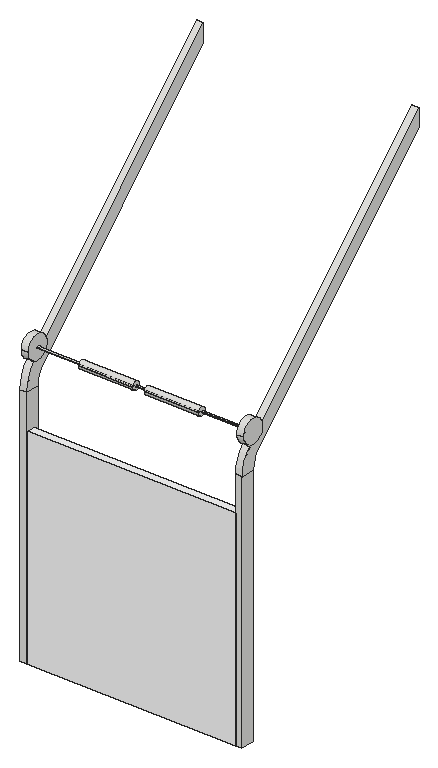
Revit family "Thermalweight-LH-1212P", category Generic Models, host Wall, Revit 2026
Family settings
  Host = Wall
  Can host rebar = No
  Round Connector Dimension = Use Diameter
  Part Type = Normal
  Always vertical = Yes
  Cut with Voids When Loaded = Yes
  Maintain Annotation Orientation = No
  Shared = No
  Room Calculation Point = No
Parameters (values of type "9' x 9'")
  VerticalTrack = TrackHeight - (1' 6")  # 10' - 6"
  Type Comments = "Insulated"  # constant formula
  TrackWidth = 0' - 3 1/2"
  TrackHeight = OpeningHeight + HeadRoom  # 12' - 0"
  TrackDepth = 0' - 6 7/8"  # constant formula
  PanelSize = 2' - 0"  # constant formula
  OpeningWidth = 9' - 0"
  OpeningHeight = 9' - 0"
  Model = "Thermalweight"  # constant formula
  Manufacturer = "TKO"  # constant formula
  HorizTrack = OpeningHeight - HeadRoom + 2' 0"  # 8' - 0"
  HeadRoom = 3' - 0"  # constant formula
  DoorThk = 0' - 4"  # constant formula
  Description = "Sectional Door"  # constant formula
  Default Elevation = 0' - 0"
Types (16): name | VerticalTrack | TrackHeight | OpeningWidth | OpeningHeight | HorizTrack
  (no name) | 10' - 6" | 12' - 0" | 9' - 0" | 9' - 0" | 8' - 0"
  8' x 10' | 11' - 6" | 13' - 0" | 8' - 0" | 10' - 0" | 9' - 0"
  9' x 10' | 11' - 6" | 13' - 0" | 9' - 0" | 10' - 0" | 9' - 0"
  10' x 10' | 11' - 6" | 13' - 0" | 10' - 0" | 10' - 0" | 9' - 0"
  10' x 11' | 12' - 6" | 14' - 0" | 10' - 0" | 11' - 0" | 10' - 0"
  9' x 11' | 12' - 6" | 14' - 0" | 9' - 0" | 11' - 0" | 10' - 0"
  8' x 11' | 12' - 6" | 14' - 0" | 8' - 0" | 11' - 0" | 10' - 0"
  10' x 12' | 13' - 6" | 15' - 0" | 10' - 0" | 12' - 0" | 11' - 0"
  8' x 12' | 13' - 6" | 15' - 0" | 8' - 0" | 12' - 0" | 11' - 0"
  9' x 12' | 13' - 6" | 15' - 0" | 9' - 0" | 12' - 0" | 11' - 0"
  10' x 8' | 9' - 6" | 11' - 0" | 10' - 0" | 8' - 0" | 7' - 0"
  10' x 9' | 10' - 6" | 12' - 0" | 10' - 0" | 9' - 0" | 8' - 0"
  8' x 9' | 10' - 6" | 12' - 0" | 8' - 0" | 9' - 0" | 8' - 0"
  8' x 8' | 9' - 6" | 11' - 0" | 8' - 0" | 8' - 0" | 7' - 0"
  9' x 9' | 10' - 6" | 12' - 0" | 9' - 0" | 9' - 0" | 8' - 0"
  9' x 8' | 10' - 6" | 12' - 0" | 9' - 0" | 9' - 0" | 8' - 0"
Reference planes (in)
  plane 1: y = 0
  plane 2 "Center (Left/Right)": x = 0
  plane 3 "Wall Edge": y = 3
  plane 4: x = -54
  plane 5: x = 54
  plane 6: z = 108
  plane 7: y = 3
  plane 8: y = 7
  plane 9: z = 24
  plane 10: z = 48
  plane 11: z = 72
  plane 12: x = -57.5
  plane 13: x = 57.5
  plane 14: y = 9.875
  plane 15: z = 144
  plane 16: z = 96
  plane 17: z = 120
  plane 18: x = -3
  plane 19: x = 3
  plane 20: x = 31
  plane 21: x = -31
  plane 22: z = 126
  plane 23: y = 21
  plane 24: y = 117
  plane 25: y = 12
Forms (in)
  Extrusion 1, void
    sketch origin (0, 3, 0) x (1, 0, 0) y (0, 0, 1)
      loop
        line (54, 108) -> (-54, 108) -> (-54, 0) -> (54, 0) -> (54, 108)
    from 0 to 6
  Extrusion 2, solid, material "DOOR PANEL"
    sketch origin (0, 0, 0) x (1, 0, 0) y (0, 1, 0)
      loop
        line (-54, 7) -> (-54, 3) -> (54, 3) -> (54, 7) -> (-54, 7)
    from 0 to 108
  Extrusion 3, solid, material "Steel"
    sketch origin (0, 0, 0) x (1, 0, 0) y (0, 1, 0)
      loop
        line (-57.5, 9.875) -> (-57.5, 3) -> (-54, 3) -> (-54, 9.875) -> (-57.5, 9.875)
      loop
        line (54, 9.875) -> (54, 3) -> (57.5, 3) -> (57.5, 9.875) -> (54, 9.875)
    from 0 to 126
  Extrusion 4, solid, material "Steel"
    sketch origin (0, 0, 0) x (0, 1, 0) y (0, 0, 1)
      loop
        circle (9.875, 144) r 6
    from 54 to 57.5
  Extrusion 5, solid, material "Steel"
    sketch origin (0, -23.79385, 16.89702) x (0, 1, 0) y (0, 0, -1)
      loop
        circle (33.66885, -127.10298) r 6
    from 54 to 57.5
  Extrusion 6, solid, material "Steel"
    sketch origin (0, 0, 0) x (0, 1, 0) y (0, 0, 1)
      loop
        circle (9.875, 144) r 0.5
    from -54 to 54
  Extrusion 7, solid, material "Steel"
    sketch origin (0, 0, 0) x (0, 1, 0) y (0, 0, 1)
      loop
        circle (9.875, 144) r 2
    from 3 to 31
  Extrusion 8, solid, material "Steel"
    sketch origin (0, 0, 0) x (0, 1, 0) y (0, 0, -1)
      loop
        circle (9.875, -144) r 2
    from 3 to 31
  Extrusion 9, solid, material "Steel"
    sketch origin (0, 0, 0) x (0, 1, 0) y (0, 0, 1)
      loop
        arc (9.897, 126) -> (10.43413, 129.65079) -> (12, 132.99217) r 12.6755
        line (12, 132.99217) -> (117, 237.99217) -> (117, 247.2724) -> (9.92432, 140.19672)
        arc (9.92432, 140.19672) -> (4.83887, 133.89291) -> (3.02178, 126) r 18.05074
        line (3.02178, 126) -> (9.897, 126)
    from 54 to 57.5
  Extrusion 10, solid, material "Steel"
    sketch origin (0, 0, 0) x (0, 1, 0) y (0, 0, -1)
      loop
        line (9.897, -126) -> (3.02178, -126)
        arc (3.02178, -126) -> (4.83887, -133.89291) -> (9.92432, -140.19672) r 18.05074
        line (9.92432, -140.19672) -> (117, -247.2724) -> (117, -237.99217) -> (12, -132.99217)
        arc (12, -132.99217) -> (10.43413, -129.65079) -> (9.897, -126) r 12.6755
    from 54 to 57.5
Cuts and joins
  joined: Extrusion 3, Extrusion 4, Extrusion 5
Lines and regions (in)
  model lines
    curve 1: line (54, 3, 24) -> (-54, 3, 24)
    curve 2: line (-54, 3, 48) -> (54, 3, 48)
    curve 3: line (54, 3, 72) -> (-54, 3, 72)
    curve 4: line (54, 3, 96) -> (-54, 3, 96)
    curve 5: line (54, 3, 120) -> (-54, 3, 120)
Text (in)
  text "Placement Side" at (0, 40.15149, 123.01588), in view "Right"
  text "Placement Side" at (-70.3804, 83.26548, 0), in view "Ref. Level"
  text "Placement Side" at (0, 81.62555, 140.59947), in view "Left"
Dimensions and locks (in)
  locked: plane 3 "Wall Edge" to host wall
  equal spacing: plane 5, plane 2 "Center (Left/Right)", plane 4
  "OpeningWidth": plane 5 to plane 4
  "DoorThk": plane 7 to plane 8
  "TrackDepth": plane 14 to plane 7
  "TrackWidth": plane 12 to plane 4
  "TrackWidth": plane 5 to plane 13
  "PanelSize": plane 9 to level
  equal spacing: plane 17, plane 16, plane 11, plane 10, plane 9, level
  "OpeningHeight": level to plane 6
  equal spacing: plane 18, plane 2 "Center (Left/Right)", plane 19, locked at 3 each
  locked: plane 21 to plane 18 at 28
  locked: plane 19 to plane 20 at 28
  "VerticalTrack": level to plane 22
  "HeadRoom": plane 6 to plane 15
  locked: plane 7 to plane 23 at 18
  "HorizTrack": plane 24 to plane 23
  locked: plane 7 to plane 25 at 9
  radius of Extrusion 4 sketch curve = 0' - 6"
  radius of Extrusion 5 sketch curve = 0' - 6"
  radius of Extrusion 6 sketch curve = 0' - 0 1/2"
  radius of Extrusion 7 sketch curve = 0' - 2"
  radius of Extrusion 8 sketch curve = 0' - 2"
  radius of Extrusion 9 sketch curve = 1' - 6.05074"
  radius of Extrusion 9 sketch curve = 1' - 0.6755"
  radius of Extrusion 10 sketch curve = 1' - 6.05074"
  radius of Extrusion 10 sketch curve = 1' - 0.6755"
  locked: plane 22 to Extrusion 9 sketch curve (angle 45.00°)  (x2)
  aligned and locked: host wall to plane 7
  aligned and locked: Extrusion 1 sketch curve to plane 5
  aligned and locked: Extrusion 1 sketch curve to plane 4
  aligned and locked: Extrusion 1 to plane 7
  aligned and locked: host wall to Extrusion 1
  aligned and locked: Extrusion 2 to plane 3 "Wall Edge"
  aligned and locked: plane 8 to Extrusion 2
  aligned and locked: Extrusion 2 to plane 6
  aligned and locked: Extrusion 3 sketch curve to plane 14  (x2)
  aligned and locked: Extrusion 3 sketch curve to plane 12
  aligned and locked: curve 1 to Extrusion 3 sketch curve
  aligned and locked: plane 5 to Extrusion 3 sketch curve
  aligned and locked: Extrusion 3 sketch curve to plane 7
  aligned and locked: Extrusion 3 sketch curve to plane 13
  aligned and locked: plane 15 to Extrusion 4 sketch curve
  aligned and locked: Extrusion 3 to Extrusion 4 sketch curve
  aligned and locked: plane 13 to Extrusion 4
  aligned and locked: Extrusion 4 to plane 5
  aligned and locked: plane 4 to Extrusion 5
  aligned and locked: Extrusion 5 to plane 12
  aligned and locked: curve 2 to plane 10
  aligned and locked: curve 3 to plane 11
  aligned and locked: curve 1 to plane 9
  aligned and locked: cut or joined group of Extrusion 3, Extrusion 4, Extrusion 5 to Extrusion 6 sketch curve
  aligned and locked: plane 5 to Extrusion 6
  aligned and locked: Extrusion 6 to plane 4
  aligned and locked: cut or joined group of Extrusion 3, Extrusion 4, Extrusion 5 to level
  aligned and locked: Extrusion 2 to level
  aligned and locked: curve 4 to plane 16
  aligned and locked: curve 5 to plane 17
  aligned and locked: level to Extrusion 2
  aligned and locked: Extrusion 1 sketch curve to level
  aligned and locked: Extrusion 1 sketch curve to plane 6
  aligned and locked: plane 15 to Extrusion 7 sketch curve
  aligned and locked: plane 14 to Extrusion 7 sketch curve
  aligned and locked: Extrusion 7 to plane 20
  aligned and locked: plane 19 to Extrusion 7
  aligned and locked: Extrusion 8 to plane 18
  aligned and locked: plane 21 to Extrusion 8
  aligned and locked: plane 15 to Extrusion 8 sketch curve
  aligned and locked: Extrusion 8 sketch curve to plane 14
  aligned and locked: plane 22 to cut or joined group of Extrusion 3, Extrusion 4, Extrusion 5
  aligned and locked: plane 22 to Extrusion 9 sketch curve
  aligned and locked: Extrusion 9 to cut or joined group of Extrusion 3, Extrusion 4, Extrusion 5
  aligned and locked: Extrusion 9 to plane 5
  aligned and locked: plane 13 to Extrusion 9
  aligned and locked: plane 5 to Extrusion 9  (x2)
  aligned and locked: plane 25 to Extrusion 9 sketch curve
  aligned and locked: plane 24 to Extrusion 9 sketch curve
  aligned and locked: Extrusion 9 to plane 13
  aligned and locked: Extrusion 10 to plane 24
  aligned and locked: plane 4 to Extrusion 10
  aligned and locked: Extrusion 10 to plane 12
  aligned and locked: Extrusion 10 sketch curve to Extrusion 9  (x2)
  aligned and locked: Extrusion 2 to plane 4
  aligned and locked: Extrusion 2 to plane 5
  aligned and locked: plane 15 to Extrusion 5 sketch curve
  aligned and locked: plane 14 to Extrusion 5 sketch curve
  aligned and locked: plane 4 to cut or joined group of Extrusion 3, Extrusion 4, Extrusion 5
Automatic sketch dimensions
  Extrusion 2 sketch curve to host wall = 0' - 0"
  Extrusion 2 sketch curve to plane 4 = 0' - 0"
  plane 5 to Extrusion 2 sketch curve = 0' - 0"
  Extrusion 2 sketch curve to plane 8 = 0' - 0"
  curve 3 to plane 4 = 0' - 0"
  curve 1 to plane 4 = 0' - 0"
  curve 2 to plane 4 = 0' - 0"
  curve 4 to plane 4 = 0' - 0"
  curve 5 to plane 4 = 0' - 0"
  curve 4 to plane 5 = 0' - 0"
  curve 2 to plane 5 = 0' - 0"
  curve 5 to plane 5 = 0' - 0"
  curve 1 to plane 5 = 0' - 0"
  curve 3 to plane 5 = 0' - 0"
  plane 4 to Extrusion 3 sketch curve = 0' - 0"
  Extrusion 3 sketch curve to plane 13 = 0' - 0"
  Extrusion 6 sketch curve to plane 15 = 0' - 0"
  plane 14 to Extrusion 9 sketch curve = 0' - 0.04932"
  plane 14 to Extrusion 9 sketch curve = 0' - 0.022"
  host wall to Extrusion 9 sketch curve = 0' - 0.02178"
  Extrusion 10 sketch curve to plane 22 = 0' - 0"
  Extrusion 10 sketch curve to plane 25 = 0' - 0"
  plane 24 to Extrusion 10 sketch curve = 0' - 0"
  host wall to Extrusion 10 sketch curve = 0' - 0.02178"
